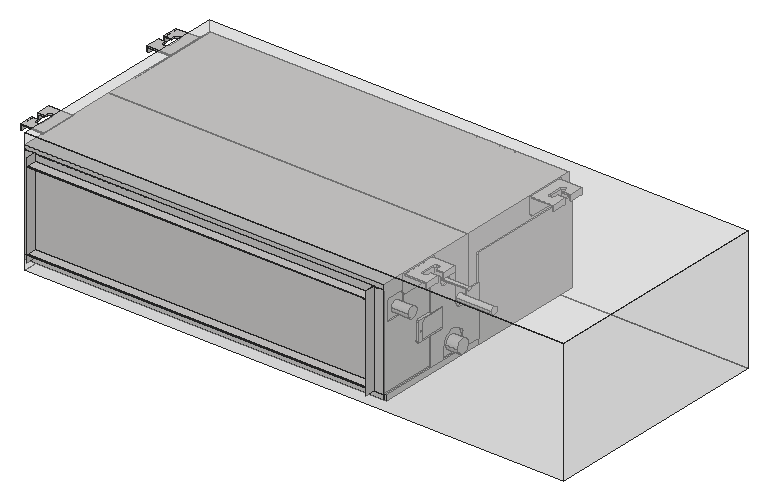
Revit family "outputfile", category 機械設備, Revit 2024
Family settings
  丸型コネクタ寸法 = 半径を使用
  パーツ タイプ = 標準
  OmniClass 番号 = 23.75.10.24.21.27.27
  OmniClass タイトル = Split System Air Conditioning Units
  作業面ベース = いいえ
  常に垂直 = はい
  ロード時にボイドで切り取り = いいえ
  注釈の向きを維持 = いいえ
  共有 = いいえ
  部屋計算ポイント = はい
Parameters (values of type "FXDQ20TV1CA")
  Description = ""
  製造元 = "Daikin"
  書き出し IFC クラス(タイプ) = "IfcUnitaryEquipmentType"
  定義済み IFC タイプ(タイプ) = "AIRCONDITIONINGUNIT"
  Cost = 0
  モデル = "FXDQ20TV1CA"
  Type Comments = ""
  Keynote = ""
  Type Image = (empty or 0)
  Assembly Code = ""
  r_Liquid Pipe Size = Liquid Pipe Size / 2  # 3.2 mm
  r_Gas Pipe Size = Gas Pipe Size / 2  # 6.35 mm
  r_Drain Pipe Size = Drain Pipe Size / 2  # 10.0 mm
  lw_powersuply = 65.0 mm  # constant formula
  lh_suctionflange [instance] = [h***] + 100.5 mm  # 100.5 mm
  lh_mounting = lh_mountinghole + [h***]  # 200.0 mm
  ld_suctionflange [instance] = if(and(Rear Connection_Return Air, Width = 700.0 mm), 94.5 mm, if(and(Rear Connection_Return Air, Width = 900.0 mm), 94.0 mm, if(and(Rear Connection_Return Air, Width = 1100.0 mm), 94.0 mm, 100.5 mm)))  # 94.5 mm
  ld_powersuply = 64.0 mm  # constant formula
  ld_mountinghole_Back = if(Width = 900.0 mm, 169.0 mm, 165.0 mm)  # 165.0 mm
  ld_mountinghole_Front = if(Width = 900.0 mm, 140.0 mm, 144.0 mm)  # 144.0 mm
  ld_RA_below = if(Width = 700.0 mm, 189.0 mm, 188.0 mm)  # 189.0 mm
  ld_RA = if(Width = 700.0 mm, 94.5 mm, 94.0 mm)  # 94.5 mm
  angle_vertical_RA [instance] = if(Rear Connection_Return Air, 90.00°, 0.00°)  # 90.00°
  angle horizontal_RA [instance] = if(Rear Connection_Return Air, 180.00°, 270.00°)  # 180.00°
  Voltage_comment_50Hz = "220-240"
  Voltage_50Hz = 220 V
  URL = ""
  Supply Air Direction [instance] = yes
  Sound Power Level_H speed (dB) = 0
  Rear Connection_Return Air [instance] = not(Bottom Connection_Return Air)  # yes
  Phase_50Hz = 1
  Minimum External Static Pressure = 10.00 Pa
  Minimum Circuit Amps_50Hz = 0.6 A
  Maximum Fuse Amps_50Hz = 15.0 A
  Maximum External Static Pressure = 40.00 Pa
  Material_Casing = DAIKIN_GalvanizedSteel_Casing_indoorunit
  ld_liquidpipe = 142.0 mm  # constant formula
  ld_gaspipe = 181.0 mm  # constant formula
  lw_mountinghole = Width + 52.0 mm  # 752.0 mm
  ld_drainpipe = 28.0 mm  # constant formula
  lh_liquidpipe = 151.0 mm
  lh_gaspipe = 101.0 mm
  lh_mountinghole = 200.0 mm  # constant formula
  lh_drainpipe = 152.0 mm  # constant formula
  h_antenna = Height - lh_mountinghole + 1.0 mm  # 1.0 mm
  h*** = 0.0 mm  # constant formula
  Width = 700.0 mm
  Version = "ver.1.0"
  Unit Type = "Slim Duct (Standard) Type"
  Unit Mass Weight = 18.00 kg
  Unit Designation [instance] = ""
  Uniclass2015Version = "Products v1.30"
  Uniclass2015Title = "Variable refrigerant flow units"
  Uniclass2015Code = "Pr_70_65_03_94"
  Total Heating Capacity [instance] = 0.000 kW
  Total Cooling Capacity [instance] = 0.000 kW
  Sound Pressure Level_M speed (dBA) = 0
  Sound Pressure Level_L speed (dBA) = 28
  Sound Pressure Level_H speed (dBA) = 32
  Series = "VRV Fan Coil Unit"
  Sensible Cooling Capacity [instance] = 0.000 kW
  SA Duct Size Width = if(Width = 900.0 mm, 860.0 mm, if(Width = 1100.0 mm, 1060.0 mm, 660.0 mm))  # 660.0 mm
  SA Duct Size Height = 153.0 mm  # constant formula
  Refrigerant Type = "R410A"
  RA Duct Size Width = if(Width = 900.0 mm, 775.0 mm, if(Width = 1100.0 mm, 975.0 mm, 575.0 mm))  # 575.0 mm
  RA Duct Size Height [instance] = if(Rear Connection_Return Air, 163.0 mm, if(Width = 700.0 mm, 153.0 mm, 152.0 mm))  # 163.0 mm
  Power Input (Heating) = 0.030 kW
  Power Input (Cooling) = 0.030 kW
  Option Accessory 3 [instance] = ""
  Option Accessory 2 [instance] = ""
  Option Accessory 1 [instance] = ""
  Nominal Heating Capacity = 2.500 kW
  Nominal Cooling Capacity = 2.200 kW
  Minimum Airflow = 0.00 m³/h
  Median Airflow = 0.00 m³/h
  Maximum Airflow = 486.00 m³/h
  Load Classification = HVAC
  Liquid Pipe Size = 6.4 mm
  Link_Nested Family [instance] = ""
  IfcVersion = "0"
  IfcExportType = "AIRCONDITIONINGUNIT"
  IfcExportAs = "IfcUnitaryEquipmentType"
  Height = 200.0 mm
  Heating Entering Wet Bulb Temperature [instance] = 0.00 °C
  Heating Entering Dry Bulb Temperature [instance] = 0.00 °C
  Heating Ambient Wet Bulb Temperature [instance] = 0.00 °C
  Heating Ambient Dry Bulb Temperature [instance] = 0.00 °C
  Heat Exchanger Type = "Cross Fin Coil"
  Gas Pipe Size = 12.7 mm
  Frequency_50Hz = 50 Hz
  Fan Type = "Sirocco Fan"
  Fan Drive = "Direct Drive"
  FCU Tag No. [instance] = ""
  Drain Pipe Size = 20.0 mm
  Design Supply Airflow [instance] = 0.00 m³/h
  Design Return Airflow [instance] = 0.00 m³/h
  Design External Static Pressure [instance] = 0.00 Pa
  Depth = 450.0 mm
  既定の高さ = 0.0 mm
  Cooling Entering Wet Bulb Temperature [instance] = 0.00 °C
  Cooling Entering Dry Bulb Temperature [instance] = 0.00 °C
  Cooling Ambient Wet Bulb Temperature [instance] = 0.00 °C
  Cooling Ambient Dry Bulb Temperature [instance] = 0.00 °C
  Clearance visibility [instance] = yes
  Clearance Top = 20.0 mm
  Clearance Right = 350.0 mm
  Clearance Rear = 0.0 mm
  Clearance Left = 0.0 mm
  Clearance Front = 0.0 mm
  Clearance Bottom = 20.0 mm
  Bottom Connection_Return Air [instance] = no
Reference planes
  plane 1 "Center (Front/Back)": y = 0
  plane 2 "Bottom": z = -200
  plane 3 "Center (Left/Right)": x = 0
  plane 4 "Back": y = 225
  plane 5 "Front": y = -225
  plane 6 "Left": x = -350
  plane 7 "Right": x = 350
  plane 8 "Top": z = 0
  plane 9 "BB": y = -20
  plane 10 "condensate water pan": z = -190
  plane 11 "Below": z = -200
  plane 12 "Other components Right": x = 355
  plane 13 "Other components Left": x = 345
  plane 14 "lh_drainpipe": z = -48
  plane 15 "ld_drainpipe": y = -197
  plane 16 "drainpipe": x = 383
  plane 17 "lh_liquidpipe": z = -49
  plane 18 "ld_liquidpipe": y = -83
  plane 19 "ld_gaspipe": y = -44
  plane 20 "lh_gaspipe": z = -99
  plane 21: x = 403
  plane 22: x = 420
  plane 23: x = 374
  plane 24 "w_mountinghole_Left": x = -376
  plane 25 "w_mountinghole_Right": x = 376
  plane 26 "d_mountinghole_Back": y = 165
  plane 27 "d_mountinghole_Front": y = -144
  plane 28 "h_mountinghole": z = 0
  plane 29 "lw_powersuply": x = 285
  plane 30 "ld_powersuply": y = -161
  plane 31 "Clearance Left": x = -350
  plane 32 "Clearance Right": x = 700
  plane 33 "Clearance Rear": y = 225
  plane 34 "Clearance Front": y = -225
  plane 35 "Clearance Bottom": z = -220
  plane 36 "Clearance Top": z = 20
  plane 37 "RA": y = 224
  plane 38: z = -199
  plane 39 "RA_d": y = 130.5
  plane 40 "RA_w": x = -51.5
  plane 41 "RA_h": z = -99.5
  plane 42 "SA_h": z = -99
  plane 43 "RA_dd": y = 36
Forms (mm)
  Extrusion 1, solid, material "DAIKIN_GalvanizedSteel_Casing_indoorunit" <- "Material_Casing"
    sketch origin (0, 0, 100) x (0, 1, 0) y (0, 0, 1)
      loop
        line (-20, -100) -> (-20, -300) -> (225, -300) -> (225, -100) -> (-20, -100)
    from -350 to 350
  Extrusion 2, solid, material "DAIKIN_GalvanizedSteel_Casing_indoorunit" <- "Material_Casing"
    sketch origin (0, 0, 100) x (0, 1, 0) y (0, 0, 1)
      loop
        line (-225, -100) -> (-225, -290) -> (-20, -290) -> (-20, -100) -> (-225, -100)
    from -350 to 350
  Extrusion 3, solid, material "DAIKIN_GalvanizedSteel_Casing_indoorunit" <- "Material_Casing"
    sketch origin (0, 0, 100) x (0, 1, 0) y (0, 0, 1)
      loop
        line (-225, -290) -> (-225, -300) -> (-20, -300) -> (-20, -290) -> (-225, -290)
    from -350 to 350
  Extrusion 4, solid, material "DAIKIN_GalvanizedSteel_Casing_indoorunit" <- "Material_Casing"
    sketch origin (0, 0, 0) x (0, 1, 0) y (0, 0, 1)
      loop
        arc (2, -40) -> (-0.121, -40.879) -> (-1, -43) r 3
        line (-1, -43) -> (-1, -197)
        arc (-1, -197) -> (-0.121, -199.121) -> (2, -200) r 3
        line (2, -200) -> (225, -200) -> (225, -40) -> (2, -40)
    from 350 to 355
  Extrusion 5, solid, material "DAIKIN_GalvanizedSteel_Casing_indoorunit" <- "Material_Casing"
    sketch origin (620, 0, 0) x (0, 1, 0) y (0, 0, 1)
      loop
        line (-225, -190) -> (-225, -200) -> (-2, -200) -> (-2, -193)
        arc (-2, -193) -> (-2.879, -190.879) -> (-5, -190) r 3
        line (-5, -190) -> (-225, -190)
    from -270 to -265
  Extrusion 6, void
    sketch origin (0, 0, 0) x (0, 1, 0) y (0, 0, 1)
      loop
        arc (-145.64, -94.17) -> (-147.761, -95.049) -> (-148.64, -97.17) r 3
        line (-148.64, -97.17) -> (-148.64, -131.17)
        arc (-148.64, -131.17) -> (-147.761, -133.291) -> (-145.64, -134.17) r 3
        line (-145.64, -134.17) -> (-91.78, -134.17)
        arc (-91.78, -134.17) -> (-89.659, -133.291) -> (-88.78, -131.17) r 3
        line (-88.78, -131.17) -> (-88.78, -97.17)
        arc (-88.78, -97.17) -> (-89.659, -95.049) -> (-91.78, -94.17) r 3
        line (-91.78, -94.17) -> (-145.64, -94.17)
    from 345 to 355
  Extrusion 7, void
    sketch origin (460, 0, 0) x (0, 1, 0) y (0, 0, 1)
      loop
        arc (-212.95, -27.05) -> (-216.486, -28.514) -> (-217.95, -32.05) r 5
        line (-217.95, -32.05) -> (-217.95, -63.95)
        arc (-217.95, -63.95) -> (-216.486, -67.486) -> (-212.95, -68.95) r 5
        line (-212.95, -68.95) -> (-181.05, -68.95)
        arc (-181.05, -68.95) -> (-177.514, -67.486) -> (-176.05, -63.95) r 5
        line (-176.05, -63.95) -> (-176.05, -32.05)
        arc (-176.05, -32.05) -> (-177.514, -28.514) -> (-181.05, -27.05) r 5
        line (-181.05, -27.05) -> (-212.95, -27.05)
    from -115 to -105
  Extrusion 8, solid, material "DAIKIN_GalvanizedSteel_Casing_indoorunit" <- "Material_Casing"
    sketch origin (700, 0, 0) x (0, 1, 0) y (0, 0, 1)
      loop
        line (-116.823, -42) -> (-116.823, -190) -> (-87.438, -190) -> (-87.438, -167.881)
        arc (-87.438, -167.881) -> (-62.998, -143.441) -> (-38.558, -167.881) r 24.44
        line (-38.558, -167.881) -> (-38.558, -190) -> (-1, -190) -> (-1, -92.773) -> (-27.497, -92.773)
        arc (-27.497, -92.773) -> (-28.911, -93.359) -> (-29.497, -94.773) r 2
        line (-29.497, -94.773) -> (-29.497, -99)
        arc (-29.497, -99) -> (-43.997, -113.5) -> (-58.497, -99) r 14.5
        line (-58.497, -99) -> (-58.497, -42.3)
        arc (-58.497, -42.3) -> (-59.171, -40.674) -> (-60.797, -40) r 2.3
        line (-60.797, -40) -> (-69, -40)
        arc (-69, -40) -> (-70.414, -40.586) -> (-71, -42) r 2
        line (-71, -42) -> (-71, -49)
        arc (-71, -49) -> (-83, -61) -> (-95, -49) r 12
        line (-95, -49) -> (-95, -42)
        arc (-95, -42) -> (-95.586, -40.586) -> (-97, -40) r 2
        line (-97, -40) -> (-114.823, -40)
        arc (-114.823, -40) -> (-116.237, -40.586) -> (-116.823, -42) r 2
    from -350 to -345
  Extrusion 9, solid, material "DAIKIN_GalvanizedSteel_Casing_indoorunit" <- "Material_Casing"
    sketch origin (0, 0, 0) x (0, 1, 0) y (0, 0, 1)
      loop
        line (-91.78, -95.17) -> (-145.64, -95.17)
        arc (-145.64, -95.17) -> (-147.054, -95.756) -> (-147.64, -97.17) r 2
        line (-147.64, -97.17) -> (-147.64, -131.17)
        arc (-147.64, -131.17) -> (-147.054, -132.584) -> (-145.64, -133.17) r 2
        line (-145.64, -133.17) -> (-91.78, -133.17)
        arc (-91.78, -133.17) -> (-90.366, -132.584) -> (-89.78, -131.17) r 2
        line (-89.78, -131.17) -> (-89.78, -97.17)
        arc (-89.78, -97.17) -> (-90.366, -95.756) -> (-91.78, -95.17) r 2
    from 345 to 355
  Extrusion 10, solid, material "DAIKIN_GalvanizedSteel_Casing_indoorunit" <- "Material_Casing"
    sketch origin (0, 0, 0) x (0, 1, 0) y (0, 0, 1)
      loop
        line (-89.78, -97.67) -> (-136.14, -97.67) -> (-136.14, -130.67) -> (-89.78, -130.67) -> (-89.78, -97.67)
      loop
        circle (-142.64, -114.17) r 1.5
    from 350 to 355
  Extrusion 11, solid, material "DAIKIN_GalvanizedSteel_Casing_indoorunit" <- "Material_Casing"
    sketch origin (0, 0, 0) x (0, 1, 0) y (0, 0, 1)
      loop
        circle (-197, -48) r 10
    from 350 to 383
  Extrusion 12, solid, material "DAIKIN_GalvanizedSteel_Casing_indoorunit" <- "Material_Casing"
    sketch origin (0, 0, 0) x (0, 1, 0) y (0, 0, 1)
      loop
        circle (-83, -49) r 3.2
    from 350 to 403
  Extrusion 13, solid, material "DAIKIN_GalvanizedSteel_Casing_indoorunit" <- "Material_Casing"
    sketch origin (0, 0, 0) x (0, 1, 0) y (0, 0, 1)
      loop
        circle (-44, -99) r 6.35
    from 350 to 420
  Extrusion 14, solid, material "DAIKIN_GalvanizedSteel_Casing_indoorunit" <- "Material_Casing"
    sketch origin (0, 0, 0) x (0, 1, 0) y (0, 0, 1)
      loop
        circle (-62.998, -169) r 13
    from 350 to 374
  Extrusion 15, void
    sketch origin (0, 0, 0) x (1, 0, 0) y (0, 0, 1)
      loop
        line (246, -1) -> (-349, -1) -> (-349, -200) -> (246, -200) -> (246, -1)
    from -225 to -36
  Extrusion 16, solid, material "DAIKIN_GalvanizedSteel_Casing_indoorunit" <- "Material_Casing", visible <- "Bottom Connection_Return Air"
    sketch origin (0, 0, 0) x (1, 0, 0) y (0, 0, 1)
      loop
        line (246, -1) -> (-349, -1) -> (-349, -200) -> (246, -200) -> (246, -1)
    from -225 to -224
  Extrusion 17, solid, material "DAIKIN_GalvanizedSteel_Casing_indoorunit" <- "Material_Casing", visible <- "Rear Connection_Return Air"
    sketch origin (0, 0, 0) x (1, 0, 0) y (0, 1, 0)
      loop
        line (-349, 36) -> (246, 36) -> (246, 225) -> (-349, 225) -> (-349, 36)
    from -200 to -199
Cuts and joins
  Extrusion 6, Extrusion 7 cuts Extrusion 2
  Extrusion 6 cuts Extrusion 8
  Extrusion 15 cuts Extrusion 1
Dimensions and locks
  locked: plane 9 "BB" to plane 1 "Center (Front/Back)" at 20
  equal spacing: plane 4 "Back", plane 1 "Center (Front/Back)", plane 5 "Front"
  "Depth": plane 4 "Back" to plane 5 "Front"
  plane 9 "BB" to plane 4 "Back" = 245.0 mm
  plane 5 "Front" to plane 9 "BB" = 205.0 mm
  equal spacing: plane 6 "Left", plane 3 "Center (Left/Right)", plane 7 "Right"
  "Width": plane 6 "Left" to plane 7 "Right"
  locked: plane 1 "Center (Front/Back)" to plane 9 "BB" at 20
  "h***": plane 11 "Below" to plane 2 "Bottom"
  locked: plane 10 "condensate water pan" to plane 11 "Below" at 10
  "Height": plane 8 "Top" to plane 11 "Below"
  locked: Extrusion 4 sketch curve to plane 4 "Back" at 226
  locked: Extrusion 4 sketch curve to plane 11 "Below" at 160
  locked: plane 7 "Right" to plane 12 "Other components Right" at 5
  locked: plane 13 "Other components Left" to plane 7 "Right" at 5
  "lh_drainpipe": plane 14 "lh_drainpipe" to plane 11 "Below"
  plane 5 "Front" to plane 15 "ld_drainpipe" = 28.0 mm
  "ld_drainpipe": plane 15 "ld_drainpipe" to plane 5 "Front"
  locked: plane 7 "Right" to plane 16 "drainpipe" at 33
  "lh_liquidpipe": plane 17 "lh_liquidpipe" to plane 11 "Below"
  "ld_liquidpipe": plane 18 "ld_liquidpipe" to plane 5 "Front"
  "ld_gaspipe": plane 19 "ld_gaspipe" to plane 5 "Front"
  plane 5 "Front" to plane 18 "ld_liquidpipe" = 142.0 mm
  plane 5 "Front" to plane 19 "ld_gaspipe" = 181.0 mm
  "lh_gaspipe": plane 20 "lh_gaspipe" to plane 11 "Below"
  locked: plane 7 "Right" to plane 21 at 53
  locked: plane 7 "Right" to plane 22 at 70
  locked: plane 7 "Right" to plane 23 at 24
  equal spacing: plane 24 "w_mountinghole_Left", plane 3 "Center (Left/Right)", plane 25 "w_mountinghole_Right"
  "lw_mountinghole": plane 24 "w_mountinghole_Left" to plane 25 "w_mountinghole_Right"
  plane 26 "d_mountinghole_Back" to plane 27 "d_mountinghole_Front" = 309.0 mm
  "lh_mountinghole": plane 28 "h_mountinghole" to plane 11 "Below"
  "lw_powersuply": plane 29 "lw_powersuply" to plane 7 "Right"
  "ld_powersuply": plane 5 "Front" to plane 30 "ld_powersuply"
  "Clearance Rear": plane 33 "Clearance Rear" to plane 4 "Back"
  "Clearance Front": plane 5 "Front" to plane 34 "Clearance Front"
  "Clearance Bottom": plane 11 "Below" to plane 35 "Clearance Bottom"
  "Clearance Top": plane 36 "Clearance Top" to plane 8 "Top"
  "Clearance Left": plane 31 "Clearance Left" to plane 6 "Left"
  "Clearance Right": plane 7 "Right" to plane 32 "Clearance Right"
  locked: cut or joined group of Extrusion 1, Extrusion 15 to plane 6 "Left" at 1
  locked: plane 7 "Right" to cut or joined group of Extrusion 1, Extrusion 15 at 104
  locked: plane 4 "Back" to plane 37 "RA" at 1
  locked: plane 6 "Left" to Extrusion 17 sketch curve at 1
  locked: Extrusion 17 sketch curve to plane 7 "Right" at 104
  locked: plane 38 to plane 11 "Below" at 1
  locked: plane 40 "RA_w" to plane 3 "Center (Left/Right)" at 51.5
  "ld_RA": plane 39 "RA_d" to plane 4 "Back"
  locked: plane 11 "Below" to plane 41 "RA_h" at 100.5
  locked: plane 11 "Below" to plane 42 "SA_h" at 101
  "ld_mountinghole_Back": plane 26 "d_mountinghole_Back" to plane 1 "Center (Front/Back)"
  "ld_mountinghole_Front": plane 27 "d_mountinghole_Front" to plane 1 "Center (Front/Back)"
  "ld_RA_below": plane 4 "Back" to plane 43 "RA_dd"
  "r_Liquid Pipe Size": radius of Extrusion 12 sketch curve
  "r_Gas Pipe Size": radius of Extrusion 13 sketch curve
  "r_Drain Pipe Size": radius of Extrusion 11 sketch curve
  aligned and locked: Extrusion 1 sketch curve to plane 8 "Top"
  aligned and locked: Extrusion 1 sketch curve to plane 9 "BB"
  aligned and locked: Extrusion 1 sketch curve to plane 4 "Back"
  aligned and locked: Extrusion 2 sketch curve to plane 9 "BB"
  aligned and locked: Extrusion 2 sketch curve to plane 8 "Top"
  aligned and locked: plane 5 "Front" to Extrusion 2 sketch curve
  aligned and locked: Extrusion 1 to plane 6 "Left"
  aligned and locked: plane 7 "Right" to Extrusion 1
  aligned and locked: Extrusion 2 to plane 6 "Left"
  aligned and locked: plane 7 "Right" to Extrusion 2
  aligned and locked: plane 10 "condensate water pan" to Extrusion 2 sketch curve
  aligned and locked: Extrusion 3 sketch curve to plane 10 "condensate water pan"
  aligned and locked: plane 5 "Front" to Extrusion 3 sketch curve
  aligned and locked: plane 9 "BB" to Extrusion 3 sketch curve
  aligned and locked: Extrusion 3 to plane 6 "Left"
  aligned and locked: plane 7 "Right" to Extrusion 3
  aligned and locked: plane 11 "Below" to Extrusion 3
  aligned and locked: Extrusion 1 to plane 11 "Below"
  aligned and locked: plane 11 "Below" to Extrusion 4 sketch curve
  aligned and locked: Extrusion 4 sketch curve to plane 4 "Back"
  aligned and locked: Extrusion 4 to plane 7 "Right"
  aligned and locked: plane 12 "Other components Right" to Extrusion 4
  aligned and locked: Extrusion 5 sketch curve to plane 10 "condensate water pan"
  aligned and locked: plane 5 "Front" to Extrusion 5 sketch curve
  aligned and locked: plane 11 "Below" to Extrusion 5 sketch curve
  aligned and locked: Extrusion 5 to plane 7 "Right"
  aligned and locked: plane 12 "Other components Right" to Extrusion 5
  aligned and locked: Extrusion 8 to plane 7 "Right"
  aligned and locked: plane 12 "Other components Right" to Extrusion 8
  aligned and locked: Extrusion 6 to plane 13 "Other components Left"
  aligned and locked: Extrusion 7 to plane 13 "Other components Left"
  aligned and locked: plane 12 "Other components Right" to Extrusion 7
  aligned and locked: plane 12 "Other components Right" to Extrusion 6
  aligned and locked: Extrusion 10 to plane 7 "Right"
  aligned and locked: Extrusion 9 to plane 13 "Other components Left"
  aligned and locked: plane 16 "drainpipe" to Extrusion 11
  aligned and locked: Extrusion 11 to plane 7 "Right"
  aligned and locked: plane 12 "Other components Right" to Extrusion 9
  aligned and locked: plane 12 "Other components Right" to Extrusion 10
  aligned and locked: Extrusion 12 to plane 7 "Right"
  aligned and locked: plane 21 to Extrusion 12
  aligned and locked: Extrusion 13 sketch curve to plane 19 "ld_gaspipe"
  aligned and locked: plane 20 "lh_gaspipe" to Extrusion 13 sketch curve
  aligned and locked: Extrusion 12 sketch curve to plane 18 "ld_liquidpipe"
  aligned and locked: plane 17 "lh_liquidpipe" to Extrusion 12 sketch curve
  aligned and locked: plane 14 "lh_drainpipe" to Extrusion 11 sketch curve
  aligned and locked: Extrusion 11 sketch curve to plane 15 "ld_drainpipe"
  aligned and locked: Extrusion 13 to plane 7 "Right"
  aligned and locked: plane 22 to Extrusion 13
  aligned and locked: Extrusion 14 to plane 7 "Right"
  aligned and locked: plane 23 to Extrusion 14
  aligned and locked: plane 25 "w_mountinghole_Right" to nested 2
  aligned and locked: nested 2 to plane 26 "d_mountinghole_Back"
  aligned and locked: plane 28 "h_mountinghole" to nested 2
  aligned and locked: plane 27 "d_mountinghole_Front" to nested 3
  aligned and locked: plane 25 "w_mountinghole_Right" to nested 3
  aligned and locked: plane 24 "w_mountinghole_Left" to nested 4
  aligned and locked: plane 26 "d_mountinghole_Back" to nested 4
  aligned and locked: plane 24 "w_mountinghole_Left" to nested 5
  aligned and locked: nested 5 to plane 27 "d_mountinghole_Front"
  aligned and locked: plane 28 "h_mountinghole" to nested 4
  aligned and locked: plane 28 "h_mountinghole" to nested 5
  aligned and locked: plane 28 "h_mountinghole" to nested 3
  aligned and locked: plane 24 "w_mountinghole_Left" to nested 1
  aligned and locked: nested 1 to plane 26 "d_mountinghole_Back"
  aligned and locked: plane 27 "d_mountinghole_Front" to nested 6
  aligned and locked: plane 24 "w_mountinghole_Left" to nested 6
  aligned and locked: nested 7 to plane 25 "w_mountinghole_Right"
  aligned and locked: nested 7 to plane 26 "d_mountinghole_Back"
  aligned and locked: plane 27 "d_mountinghole_Front" to nested 8
  aligned and locked: nested 8 to plane 25 "w_mountinghole_Right"
  aligned and locked: plane 15 "ld_drainpipe" to nested 9
  aligned and locked: plane 7 "Right" to nested 9
  aligned and locked: plane 14 "lh_drainpipe" to nested 9
  aligned and locked: plane 7 "Right" to nested 11
  aligned and locked: plane 7 "Right" to nested 10
  aligned and locked: plane 18 "ld_liquidpipe" to nested 10
  aligned and locked: plane 19 "ld_gaspipe" to nested 11
  aligned and locked: nested 10 to plane 17 "lh_liquidpipe"
  aligned and locked: nested 11 to plane 20 "lh_gaspipe"
  aligned and locked: plane 31 "Clearance Left" to nested 12
  aligned and locked: plane 33 "Clearance Rear" to nested 12
  aligned and locked: plane 34 "Clearance Front" to nested 12
  aligned and locked: nested 12 to plane 32 "Clearance Right"
  aligned and locked: plane 36 "Clearance Top" to nested 12
  aligned and locked: plane 35 "Clearance Bottom" to nested 12
  aligned and locked: nested 13 to plane 29 "lw_powersuply"
  aligned and locked: plane 30 "ld_powersuply" to nested 13
  aligned and locked: nested 13 to plane 20 "lh_gaspipe"
  aligned and locked: plane 3 "Center (Left/Right)" to nested 14
  aligned and locked: plane 1 "Center (Front/Back)" to nested 14
  aligned and locked: plane 1 "Center (Front/Back)" to nested 15
  aligned and locked: nested 15 to plane 11 "Below"
  aligned and locked: plane 3 "Center (Left/Right)" to nested 16
  aligned and locked: plane 3 "Center (Left/Right)" to nested 17
  aligned and locked: plane 8 "Top" to nested 16
  aligned and locked: plane 4 "Back" to Extrusion 15
  aligned and locked: plane 4 "Back" to Extrusion 16
  aligned and locked: Extrusion 16 to plane 37 "RA"
  aligned and locked: Extrusion 17 to plane 11 "Below"
  aligned and locked: plane 38 to Extrusion 17
  aligned and locked: plane 39 "RA_d" to nested 18
  aligned and locked: plane 1 "Center (Front/Back)" to nested 19
  aligned and locked: plane 3 "Center (Left/Right)" to nested 19
  aligned and locked: plane 42 "SA_h" to nested 19
  aligned and locked: nested 16 to plane 37 "RA"
  aligned and locked: nested 16 to plane 4 "Back"
  aligned and locked: nested 17 to plane 38
  aligned and locked: nested 17 to plane 37 "RA"
  aligned and locked: Extrusion 15 to plane 43 "RA_dd"
  aligned and locked: Extrusion 17 sketch curve to plane 43 "RA_dd"
  aligned and locked: level to plane 8 "Top"
Automatic sketch dimensions
  Extrusion 1 sketch curve to plane 10 "condensate water pan" = 10.0 mm
  Extrusion 3 sketch curve to plane 10 "condensate water pan" = 10.0 mm
  Extrusion 4 sketch curve to plane 10 "condensate water pan" = 7.0 mm
  Extrusion 4 sketch curve to plane 1 "Center (Front/Back)" = 2.0 mm
  plane 1 "Center (Front/Back)" to Extrusion 5 sketch curve = 2.0 mm
  Extrusion 5 sketch curve to plane 10 "condensate water pan" = 3.0 mm
  plane 5 "Front" to Extrusion 6 sketch curve = 76.36 mm
  Extrusion 6 sketch curve to Extrusion 6 sketch curve = 3.0 mm  (x3)
  Extrusion 6 sketch curve to Extrusion 6 sketch curve = 53.86 mm
  Extrusion 6 sketch curve to Extrusion 6 sketch curve = 0.0 mm
  plane 10 "condensate water pan" to Extrusion 6 sketch curve = 55.83 mm
  Extrusion 6 sketch curve to Extrusion 6 sketch curve = 34.0 mm
  plane 5 "Front" to Extrusion 7 sketch curve = 7.05 mm
  Extrusion 7 sketch curve to Extrusion 7 sketch curve = 5.0 mm  (x3)
  Extrusion 7 sketch curve to Extrusion 7 sketch curve = 31.9 mm  (x3)
  Extrusion 7 sketch curve to plane 8 "Top" = 68.95 mm
  Extrusion 8 sketch curve to plane 10 "condensate water pan" = 0.0 mm  (x2)
  Extrusion 8 sketch curve to plane 9 "BB" = 96.823 mm
  Extrusion 8 sketch curve to Extrusion 8 sketch curve = 2.0 mm  (x4)
  Extrusion 8 sketch curve to Extrusion 8 sketch curve = 17.823 mm
  Extrusion 8 sketch curve to Extrusion 8 sketch curve = 29.385 mm
  Extrusion 8 sketch curve to Extrusion 8 sketch curve = 12.0 mm
  Extrusion 8 sketch curve to Extrusion 8 sketch curve = 24.44 mm
  Extrusion 8 sketch curve to Extrusion 8 sketch curve = 8.203 mm
  Extrusion 8 sketch curve to plane 9 "BB" = 38.497 mm
  Extrusion 8 sketch curve to Extrusion 8 sketch curve = 14.5 mm
  plane 1 "Center (Front/Back)" to Extrusion 8 sketch curve = 1.0 mm
  Extrusion 8 sketch curve to Extrusion 8 sketch curve = 22.119 mm
  Extrusion 8 sketch curve to Extrusion 8 sketch curve = 68.881 mm
  Extrusion 8 sketch curve to Extrusion 8 sketch curve = 4.227 mm
  Extrusion 8 sketch curve to plane 8 "Top" = 49.0 mm
  Extrusion 8 sketch curve to Extrusion 8 sketch curve = 6.7 mm
  Extrusion 8 sketch curve to Extrusion 8 sketch curve = 7.0 mm
  plane 5 "Front" to Extrusion 9 sketch curve = 79.36 mm
  Extrusion 9 sketch curve to Extrusion 9 sketch curve = 2.0 mm  (x3)
  Extrusion 9 sketch curve to Extrusion 9 sketch curve = 53.86 mm
  Extrusion 9 sketch curve to Extrusion 9 sketch curve = 0.0 mm
  plane 10 "condensate water pan" to Extrusion 9 sketch curve = 56.83 mm
  Extrusion 9 sketch curve to Extrusion 9 sketch curve = 34.0 mm
  plane 5 "Front" to Extrusion 10 sketch curve = 82.36 mm
  Extrusion 10 sketch curve to Extrusion 10 sketch curve = 6.5 mm
  Extrusion 10 sketch curve to Extrusion 10 sketch curve = 46.36 mm
  plane 10 "condensate water pan" to Extrusion 10 sketch curve = 59.33 mm
  Extrusion 10 sketch curve to Extrusion 10 sketch curve = 16.5 mm  (x2)
  Extrusion 14 sketch curve to plane 19 "ld_gaspipe" = 18.998 mm
  plane 10 "condensate water pan" to Extrusion 14 sketch curve = 21.0 mm
  plane 6 "Left" to Extrusion 15 sketch curve = 1.0 mm
  plane 35 "Clearance Bottom" to Extrusion 15 sketch curve = 20.0 mm
  plane 29 "lw_powersuply" to Extrusion 15 sketch curve = 39.0 mm
  Extrusion 15 sketch curve to plane 8 "Top" = 1.0 mm
  plane 6 "Left" to Extrusion 16 sketch curve = 1.0 mm
  Extrusion 16 sketch curve to plane 11 "Below" = 0.0 mm
  plane 29 "lw_powersuply" to Extrusion 16 sketch curve = 39.0 mm
  Extrusion 16 sketch curve to plane 8 "Top" = 1.0 mm
  Extrusion 17 sketch curve to plane 4 "Back" = 0.0 mm
  radius of Extrusion 10 sketch curve = 1.5 mm
  radius of Extrusion 14 sketch curve = 13.0 mm
Nested families
  nested 1: "daikin_mountinghole" at (-376, 165, -200), h_mountinghole <- "lh_mounting", l_antenna <- "h_antenna", Link_Nested Family <- "Link_Nested Family", type "daikin_mountinghole"
    with show yes, l_antenna 1.0 mm, h_mountinghole 200.0 mm, Link_Nested Family ""
  nested 2: "daikin_hangerfixture_FXDQ-TV1C(A)" at (350, 165, 0), type "daikin_hangerfixture_FXDQ-TV1C(A)"
  nested 3: "daikin_hangerfixture_FXDQ-TV1C(A)" at (350, -144, 0), type "daikin_hangerfixture_FXDQ-TV1C(A)"
  nested 4: "daikin_hangerfixture_FXDQ-TV1C(A)" at (-350, 165, 0) x (-1, 0, 0) z (0, 0, 1), type "daikin_hangerfixture_FXDQ-TV1C(A)"
  nested 5: "daikin_hangerfixture_FXDQ-TV1C(A)" at (-350, -144, 0) x (-1, 0, 0) z (0, 0, 1), type "daikin_hangerfixture_FXDQ-TV1C(A)"
  nested 6: "daikin_mountinghole" at (-376, -144, -200), h_mountinghole <- "lh_mounting", l_antenna <- "h_antenna", Link_Nested Family <- "Link_Nested Family", type "daikin_mountinghole"
    with show yes, l_antenna 1.0 mm, h_mountinghole 200.0 mm, Link_Nested Family ""
  nested 7: "daikin_mountinghole" at (376, 165, -200), h_mountinghole <- "lh_mounting", l_antenna <- "h_antenna", Link_Nested Family <- "Link_Nested Family", type "daikin_mountinghole"
    with show yes, l_antenna 1.0 mm, h_mountinghole 200.0 mm, Link_Nested Family ""
  nested 8: "daikin_mountinghole" at (376, -144, -200), h_mountinghole <- "lh_mounting", l_antenna <- "h_antenna", Link_Nested Family <- "Link_Nested Family", type "daikin_mountinghole"
    with show yes, l_antenna 1.0 mm, h_mountinghole 200.0 mm, Link_Nested Family ""
  nested 9: "daikin_connector_rotate2" at (350, -197, -48) x (0, 1, 0) z (0, 0, 1), radius <- "r_Drain Pipe Size", type "daikin_connector_rotate2"
    with radius 10.0 mm, length 33.0 mm, angle_vertical 90.00°, show_face no
  nested 10: "daikin_connector_rotate2" at (350, -83, -49) x (0, 1, 0) z (0, 0, 1), radius <- "r_Liquid Pipe Size", type "daikin_connector_rotate2"
    with radius 3.2 mm, length 53.0 mm, angle_vertical 90.00°, show_face no
  nested 11: "daikin_connector_rotate2" at (350, -44, -99) x (0, 1, 0) z (0, 0, 1), radius <- "r_Gas Pipe Size", type "daikin_connector_rotate2"
    with radius 6.35 mm, length 70.0 mm, angle_vertical 90.00°, show_face no
  nested 12: "daikin_clearancespace" at (175, 0, -99.881), visible <- "Clearance visibility", show <- "Clearance visibility", Link_Nested Family <- "Link_Nested Family", type "daikin_clearancespace"
    with width 1050.0 mm, show yes, height 240.0 mm, depth 450.0 mm, Link_Nested Family ""
  nested 13: "daikin_connector_rotate2" at (285, -161, -99) x (1, 0, 0) z (0, -1, 0), type "daikin_connector_rotate2"
    with radius 10.0 mm, length 101.0 mm, angle_vertical 90.00°, show_face no
  nested 14: "daikin_△_symbolicline" at (0, 0, 200), visible <- "Supply Air Direction", built-in parameter 1001360 <- "Height", type "daikin_△_symbolicline"
    with length 200.0 mm
  nested 15: "daikin_ductflange_FXDQ-TV1C(A)1" at (0, 0, -364.701), width <- "SA Duct Size Width", height <- "SA Duct Size Height", material <- "Material_Casing", type "daikin_ductflange_FXDQ-TV1C(A)1"
    with width 660.0 mm, material DAIKIN_GalvanizedSteel_Casing_indoorunit, height 153.0 mm, depth 20.0 mm
  nested 16: "daikin_ductflange_FXDQ-TV1C(A)2" at (0, 225, -99.5), visible <- "Rear Connection_Return Air", height <- "RA Duct Size Height", width <- "RA Duct Size Width", material <- "Material_Casing", type "daikin_ductflange_FXDQ-TV1C(A)2"
    with width 575.0 mm, material DAIKIN_GalvanizedSteel_Casing_indoorunit, height 163.0 mm, depth 1.0 mm
  nested 17: "daikin_ductflange_FXDQ-TV1C(A)2" at (0, 125.5, -200) x (1, 0, 0) z (0, 1, 0), visible <- "Bottom Connection_Return Air", width <- "RA Duct Size Width", height <- "RA Duct Size Height", type "daikin_ductflange_FXDQ-TV1C(A)2"
    with width 575.0 mm, material DAIKIN_GalvanizedSteel_Casing_indoorunit, height 163.0 mm, depth 1.0 mm
  nested 18: "daikin_connector_rotate3" at (-51.5, 130.5, -99.5), angle_vertical <- "angle_vertical_RA", angle_horizontal <- "angle horizontal_RA", length <- "ld_suctionflange", built-in parameter 1001364 <- "lh_suctionflange", type "daikin_connector_rotate3"
    with show yes, radius 10.0 mm, length 94.5 mm, angle_vertical 90.00°, angle_horizontal 180.00°
  nested 19: "daikin_connector_rotate2" at (0, 0, -99), type "daikin_connector_rotate2"
    with radius 10.0 mm, length 245.0 mm, angle_vertical 90.00°, show_face no
Connectors
  piping at (383, -197, -48), diameter 20, driven by "r_Drain Pipe Size"
    settings: on nested 9, index 1, connector inside diameter 609.6 mm, connector length 0.0 mm, flow factor 0, pipe flow 0.00 m³/h, pressure drop 0.0 Pa, fitting loss kfactor 0, connector angle 0.00°, fixture units 0, engagement length 0.0 mm, angle of deflection 0.00°, flow configuration 1, flow direction 2, fitting loss method 4, system type 16, joint type 0, gender type 0, connector reference index -1, connector utility 0, adjustable connector no, is connector primary yes, connector description "Condensate Drain Piping"
  piping at (420, -44, -99), diameter 12.7, driven by "r_Gas Pipe Size"
    settings: on nested 11, index 2, connector inside diameter 609.6 mm, connector length 0.0 mm, flow factor 0, pipe flow 0.00 m³/h, pressure drop 0.0 Pa, fitting loss kfactor 0, connector angle 0.00°, fixture units 0, engagement length 0.0 mm, angle of deflection 0.00°, flow configuration 1, flow direction 2, fitting loss method 0, system type 29, joint type 0, gender type 0, connector reference index -1, connector utility 0, adjustable connector no, is connector primary no, connector description "Refrigerant Gas Piping"
  piping at (403, -83, -49), diameter 6.4, driven by "r_Liquid Pipe Size"
    settings: on nested 10, index 3, connector inside diameter 609.6 mm, connector length 0.0 mm, flow factor 0, pipe flow 0.00 m³/h, pressure drop 0.0 Pa, fitting loss kfactor 0, connector angle 0.00°, fixture units 0, engagement length 0.0 mm, angle of deflection 0.00°, flow configuration 1, flow direction 1, fitting loss method 0, system type 29, joint type 0, gender type 0, connector reference index -1, connector utility 0, adjustable connector no, is connector primary no, connector description "Refrigerant Liquid Piping"
  electrical at (285, -161, -200), driven by "Load Classification"
    settings: on nested 13, index 4, voltage 0 V, apparent load 0 VA, apparent load phase1 0 VA, apparent load phase2 0 VA, apparent load phase3 0 VA, power factor 1, load classification "HVAC", number of poles 1, system type 30, power factor state 1, is connector primary yes, connector utility no, sub classification motor no, connector description "Power Supply"
  hvac at (-51.5, 225, -99.5), driven by "RA Duct Size Height", driven by "RA Duct Size Width"
    settings: on nested 18, index 5, duct flow 0.00 m³/h, flow factor 0, pres drop 0.00 Pa, loss coef 0, conn angle 0.00°, conn width 575.0 mm, conn height 163.0 mm, conn diameter 609.6 mm, duct sys type 2, conn prof type 1, flow config 0, flow direction 1, loss method 4, conn ref index -1, conn util no, is conn primary yes, conn desc "RA Duct"
  hvac at (0, -245, -99), driven by "SA Duct Size Height", driven by "SA Duct Size Width"
    settings: on nested 19, index 6, duct flow 0.00 m³/h, flow factor 0, pres drop 0.00 Pa, loss coef 0, conn angle 0.00°, conn width 660.0 mm, conn height 153.0 mm, conn diameter 609.6 mm, duct sys type 1, conn prof type 1, flow config 0, flow direction 2, loss method 4, conn ref index -1, conn util no, is conn primary no, conn desc "SA Duct"
Definition of nested family "daikin_hangerfixture_FXDQ-TV1C(A)"
  Parameters (values of type "daikin_hangerfixture_FXDQ-TV1C(A)")
    width = 46.0 mm
    material = none
    height = 35.0 mm
    depth = 70.0 mm
    Default Elevation = 0.0 mm
  Reference planes
    plane 1 "Center (Front/Back)": y = 0
    plane 2: z = 0
    plane 3 "Center (Left/Right)": x = 0
    plane 4: z = -35
    plane 5: y = 35
    plane 6: y = -35
    plane 7: x = 46
    plane 8: z = -2
    plane 9: x = 44
    plane 10: x = 2
    plane 11: x = 26
  Forms (mm)
    Extrusion 1, solid, material <- "material"
      sketch origin (0, 0, 0) x (1, 0, 0) y (0, 1, 0)
        loop
          line (0, 35) -> (0, -35) -> (46, -35) -> (46, -6.5) -> (31.85, -6.5) -> (31.85, -12.15)
          arc (31.85, -12.15) -> (26, -18) -> (20.15, -12.15) r 5.85
          line (20.15, -12.15) -> (20.15, 12.15)
          arc (20.15, 12.15) -> (26, 18) -> (31.85, 12.15) r 5.85
          line (31.85, 12.15) -> (31.85, 6.5) -> (46, 6.5) -> (46, 35) -> (0, 35)
      from -2 to 0
    Extrusion 2, solid, material <- "material"
      sketch origin (0, 0, 0) x (0, 1, 0) y (0, 0, 1)
        loop
          line (35, 0) -> (6.5, 0) -> (6.5, -8)
          arc (6.5, -8) -> (7.379, -10.121) -> (9.5, -11) r 3
          line (9.5, -11) -> (32, -11)
          arc (32, -11) -> (34.121, -10.121) -> (35, -8) r 3
          line (35, -8) -> (35, 0)
        loop
          line (-35, 0) -> (-35, -8)
          arc (-35, -8) -> (-34.121, -10.121) -> (-32, -11) r 3
          line (-32, -11) -> (-9.5, -11)
          arc (-9.5, -11) -> (-7.379, -10.121) -> (-6.5, -8) r 3
          line (-6.5, -8) -> (-6.5, 0) -> (-35, 0)
      from 44 to 46
    Extrusion 3, solid, material <- "material"
      sketch origin (0, 0, 0) x (0, 1, 0) y (0, 0, 1)
        loop
          line (-37.5, 0) -> (-37.5, -30) -> (-32.5, -35) -> (32.5, -35) -> (37.5, -30) -> (37.5, 0) -> (-37.5, 0)
      from 0 to 2
  Cuts and joins
    joined: Extrusion 1, Extrusion 2, Extrusion 3
  Dimensions and locks
    "height": plane 2 to plane 4
    plane 2 to plane 8 = 2.0 mm
    equal spacing: plane 5, plane 1 "Center (Front/Back)", plane 6
    "depth": plane 5 to plane 6
    "width": plane 3 "Center (Left/Right)" to plane 7
    plane 3 "Center (Left/Right)" to plane 11 to plane 7 = 26.0 mm, 20.0 mm
    locked: cut or joined group of Extrusion 1, Extrusion 2, Extrusion 3 to plane 5 at 2.5
    locked: cut or joined group of Extrusion 1, Extrusion 2, Extrusion 3 to plane 6 at 2.5
    aligned and locked: level to plane 2
    aligned and locked: plane 2 to Extrusion 1
    aligned and locked: Extrusion 1 to plane 8
    aligned and locked: plane 7 to Extrusion 2
    aligned and locked: Extrusion 2 to plane 9
    aligned and locked: plane 2 to Extrusion 2
    aligned and locked: plane 4 to Extrusion 3 sketch curve
    aligned and locked: Extrusion 3 sketch curve to plane 2
    aligned and locked: Extrusion 3 to plane 3 "Center (Left/Right)"
    aligned and locked: Extrusion 3 to plane 10
  Automatic sketch dimensions
    Extrusion 1 sketch curve to plane 3 "Center (Left/Right)" = 0.0 mm
    Extrusion 1 sketch curve to plane 7 = 0.0 mm  (x2)
    Extrusion 1 sketch curve to plane 6 = 0.0 mm
    Extrusion 1 sketch curve to plane 5 = 0.0 mm
    plane 3 "Center (Left/Right)" to Extrusion 1 sketch curve = 20.15 mm
    Extrusion 1 sketch curve to Extrusion 1 sketch curve = 5.85 mm  (x2)
    plane 1 "Center (Front/Back)" to Extrusion 1 sketch curve = 12.15 mm
    Extrusion 1 sketch curve to Extrusion 1 sketch curve = 5.65 mm  (x2)
    Extrusion 1 sketch curve to plane 1 "Center (Front/Back)" = 6.5 mm
    Extrusion 2 sketch curve to level = 0.0 mm  (x2)
    Extrusion 2 sketch curve to plane 6 = 0.0 mm
    Extrusion 2 sketch curve to Extrusion 2 sketch curve = 3.0 mm  (x2)
    plane 1 "Center (Front/Back)" to Extrusion 2 sketch curve = 9.5 mm
    plane 1 "Center (Front/Back)" to Extrusion 2 sketch curve = 6.5 mm
    Extrusion 2 sketch curve to plane 1 "Center (Front/Back)" = 6.5 mm
    Extrusion 2 sketch curve to plane 5 = 3.0 mm
    Extrusion 2 sketch curve to plane 5 = 0.0 mm
    Extrusion 2 sketch curve to plane 8 = 6.0 mm  (x2)
    Extrusion 3 sketch curve to Extrusion 3 sketch curve = 5.0 mm  (x2)
    plane 4 to Extrusion 3 sketch curve = 5.0 mm  (x2)
    Extrusion 3 sketch curve to plane 6 = 2.5 mm
    Extrusion 3 sketch curve to plane 5 = 2.5 mm
Definition of nested family "daikin_clearancespace"
  Parameters (values of type "daikin_clearancespace")
    width [instance] = 1823.963 mm
    show [instance] = yes
    material = none
    height [instance] = 1359.762 mm
    depth [instance] = 880.0 mm
    Default Elevation = 0.0 mm
    Link_Nested Family [instance] = ""
  Reference planes
    plane 1 "Center (Front/Back)": y = 0
    plane 2 "Center (Elevation)": z = -0.119
    plane 3 "Center (Left/Right)": x = 0
    plane 4: y = 440
    plane 5: y = -440
    plane 6 "Right": x = 911.982
    plane 7 "Left": x = -911.982
    plane 8 "Top": z = 679.762
    plane 9 "Bottom": z = -680
  Forms (mm)
    Extrusion 1, solid, material <- "material", visible <- "show"
      sketch origin (0, 0, 0) x (1, 0, 0) y (0, 1, 0)
        loop
          line (-911.982, 440) -> (-911.982, -440) -> (911.982, -440) -> (911.982, 440) -> (-911.982, 440)
      from -680 to 679.762
  Lines and regions (mm)
    symbolic lines, visible <- "show"
      curve 1: line (911.982, 440, 0) -> (-911.982, 440, 0)
      curve 2: line (-911.982, 440, 0) -> (-911.982, -440, 0)
      curve 3: line (-911.982, -440, 0) -> (911.982, -440, 0)
      curve 4: line (911.982, -440, 0) -> (911.982, 440, 0)
      curve 5: line (911.982, 0, 679.762) -> (-911.982, 0, 679.762)
      curve 6: line (911.982, 0, -680) -> (911.982, 0, 679.762)
      curve 7: line (-911.982, 0, -680) -> (911.982, 0, -680)
      curve 8: line (-911.982, 0, 679.762) -> (-911.982, 0, -680)
      curve 9: line (0, 440, 679.762) -> (0, -440, 679.762)
      curve 10: line (0, -440, 679.762) -> (0, -440, -680)
      curve 11: line (0, 440, -680) -> (0, 440, 679.762)
      curve 12: line (0, -440, -680) -> (0, 440, -680)
  Dimensions and locks
    "width": plane 7 "Left" to plane 6 "Right"
    "depth": plane 4 to plane 5
    "height": plane 8 "Top" to plane 9 "Bottom"
    equal spacing: plane 7 "Left", plane 3 "Center (Left/Right)", plane 6 "Right"
    equal spacing: plane 4, plane 1 "Center (Front/Back)", plane 5
    equal spacing: plane 8 "Top", plane 2 "Center (Elevation)", plane 9 "Bottom"
    aligned and locked: level to plane 2 "Center (Elevation)"
    aligned and locked: Extrusion 1 sketch curve to plane 4
    aligned and locked: plane 7 "Left" to Extrusion 1 sketch curve
    aligned and locked: Extrusion 1 sketch curve to plane 5
    aligned and locked: Extrusion 1 sketch curve to plane 6 "Right"
    aligned and locked: plane 8 "Top" to Extrusion 1
    aligned and locked: curve 1 to Extrusion 1
    aligned and locked: curve 2 to Extrusion 1
    aligned and locked: curve 3 to Extrusion 1
    aligned and locked: curve 4 to Extrusion 1
    aligned and locked: curve 5 to Extrusion 1
    aligned and locked: curve 6 to Extrusion 1
    aligned and locked: curve 7 to Extrusion 1
    aligned and locked: curve 8 to Extrusion 1
    aligned and locked: curve 9 to Extrusion 1
    aligned and locked: curve 10 to Extrusion 1
    aligned and locked: curve 11 to Extrusion 1
    aligned and locked: curve 12 to Extrusion 1
    aligned and locked: Extrusion 1 to plane 9 "Bottom"
Definition of nested family "daikin_ductflange_FXDQ-TV1C(A)1"
  Parameters (values of type "daikin_ductflange_FXDQ-TV1C(A)1")
    width [instance] = 660.0 mm
    material [instance] = none
    height [instance] = 160.0 mm
    h*** = 100.0 mm
    depth [instance] = 20.0 mm
    Default Elevation = 0.0 mm
  Reference planes
    plane 1 "Center (Front/Back)": y = 0
    plane 2: z = 189.201
    plane 3 "Center (Left/Right)": x = 0
    plane 4: y = -225
    plane 5: x = -330
    plane 6: x = 330
    plane 7: y = -245
    plane 8: z = 189.201
    plane 9: z = 349.201
    plane 10: z = 269.201
    plane 11: z = 363.701
    plane 12: z = 164.701
  Forms (mm)
    Extrusion 1, solid, material <- "material"
      sketch origin (0, 0, -1) x (0, 1, 0) y (0, 0, 1)
        loop
          line (-225, 350.201) -> (-225, 364.701) -> (-226, 364.701) -> (-226, 351.201) -> (-245, 351.201) -> (-245, 350.201) -> (-225, 350.201)
        loop
          line (-225, 190.201) -> (-245, 190.201) -> (-245, 189.201) -> (-226, 189.201) -> (-226, 175.701) -> (-225, 175.701) -> (-225, 190.201)
      from -330 to 330
    Extrusion 2, solid, material <- "material"
      sketch origin (0, 0, 188.201) x (1, 0, 0) y (0, 1, 0)
        loop
          line (330, -225) -> (330, -245) -> (331, -245) -> (331, -226) -> (350, -226) -> (350, -225) -> (330, -225)
        loop
          line (-330, -225) -> (-350, -225) -> (-350, -226) -> (-331, -226) -> (-331, -245) -> (-330, -245) -> (-330, -225)
      from -13.5 to 175.5
  Dimensions and locks
    equal spacing: plane 6, plane 3 "Center (Left/Right)", plane 5
    "width": plane 6 to plane 5
    locked: plane 6 to Extrusion 2 sketch curve at 20
    locked: Extrusion 2 sketch curve to plane 5 at 20
    "height": plane 9 to plane 8
    equal spacing: plane 9, plane 10, plane 8
    "depth": plane 4 to plane 7
    plane 4 to plane 1 "Center (Front/Back)" = 225.0 mm
    locked: Extrusion 1 sketch curve to plane 9 at 14.5
    locked: plane 8 to Extrusion 1 sketch curve at 14.5
    locked: plane 11 to plane 9 at 14.5
    aligned and locked: level to plane 2
    aligned and locked: Extrusion 1 to plane 5
    aligned and locked: Extrusion 1 to plane 9
    aligned and locked: plane 6 to Extrusion 1
    aligned and locked: plane 5 to Extrusion 1  (x2)
    aligned and locked: Extrusion 2 sketch curve to plane 6
    aligned and locked: plane 7 to Extrusion 2 sketch curve
    aligned and locked: Extrusion 2 to Extrusion 1
    aligned and locked: Extrusion 1 to Extrusion 2
    aligned and locked: plane 9 to Extrusion 1
    aligned and locked: plane 8 to Extrusion 1
    aligned and locked: plane 9 to Extrusion 1 sketch curve
    aligned and locked: Extrusion 1 sketch curve to plane 8
  Automatic sketch dimensions
    Extrusion 1 sketch curve to plane 7 = 0.0 mm  (x2)
    Extrusion 1 sketch curve to plane 4 = 0.0 mm  (x2)
    Extrusion 1 sketch curve to plane 4 = 1.0 mm  (x2)
    Extrusion 1 sketch curve to level = 1.0 mm
    Extrusion 2 sketch curve to plane 4 = 0.0 mm  (x2)
    Extrusion 2 sketch curve to plane 7 = 0.0 mm
    Extrusion 2 sketch curve to plane 5 = 0.0 mm
    Extrusion 2 sketch curve to plane 5 = 1.0 mm
    Extrusion 2 sketch curve to Extrusion 2 sketch curve = 1.0 mm
    Extrusion 2 sketch curve to plane 4 = 1.0 mm  (x2)
    plane 9 to Extrusion 1 sketch curve = 1.0 mm
Definition of nested family "daikin_ductflange_FXDQ-TV1C(A)2"
  Parameters (values of type "daikin_ductflange_FXDQ-TV1C(A)2")
    width [instance] = 575.0 mm
    material [instance] = none
    height [instance] = 163.0 mm
    depth [instance] = 1.0 mm
    Default Elevation = 0.0 mm
  Reference planes
    plane 1 "Center (Front/Back)": y = 0
    plane 2: z = 0
    plane 3 "Center (Left/Right)": x = 0
    plane 4: z = 81.5
    plane 5: z = -81.5
    plane 6: y = -1
    plane 7: x = -350
    plane 8: x = 350
    plane 9: x = 247
    plane 10: x = 241
    plane 11: x = -344
    plane 12: x = 236
    plane 13: x = -339
    plane 14: x = -51.5
    plane 15: z = 99.5
  Forms (mm)
    Extrusion 1, solid, material <- "material"
      sketch origin (0, 0, 0) x (1, 0, 0) y (0, 0, 1)
        loop
          line (-339, 81.5) -> (-339, -81.5) -> (236, -81.5) -> (236, 81.5) -> (-339, 81.5)
        loop
          line (-349, -99.5) -> (246, -99.5) -> (246, 98.5) -> (-349, 98.5) -> (-349, -99.5)
      from 0 to 1
  Dimensions and locks
    "depth": plane 6 to plane 1 "Center (Front/Back)"
    locked: plane 10 to plane 8 at 109
    locked: plane 11 to plane 10 at 585
    plane 13 to plane 7 = 11.0 mm
    plane 9 to plane 12 = 11.0 mm
    locked: plane 14 to plane 3 "Center (Left/Right)" at 51.5
    equal spacing: plane 13, plane 14, plane 12
    "width": plane 13 to plane 12
    locked: plane 15 to plane 4 at 18
    equal spacing: plane 4, plane 2, plane 5
    "height": plane 4 to plane 5
    equal spacing: plane 7, plane 3 "Center (Left/Right)", plane 8
    plane 7 to plane 8 = 700.0 mm
    locked: Extrusion 1 sketch curve to plane 7 at 1
    locked: plane 9 to Extrusion 1 sketch curve at 1
    locked: Extrusion 1 sketch curve to plane 4 at 17
    locked: plane 5 to Extrusion 1 sketch curve at 18
    aligned and locked: level to plane 2
    aligned and locked: Extrusion 1 to plane 1 "Center (Front/Back)"
    aligned and locked: Extrusion 1 to plane 6
    aligned and locked: plane 13 to Extrusion 1 sketch curve
    aligned and locked: Extrusion 1 sketch curve to plane 12
  Automatic sketch dimensions
    Extrusion 1 sketch curve to plane 5 = 0.0 mm
    Extrusion 1 sketch curve to plane 4 = 0.0 mm
Definition of nested family "daikin_connector_rotate3"
  Parameters (values of type "daikin_connector_rotate3")
    Default Elevation = 1219.2 mm
    show [instance] = yes
    radius [instance] = 10.0 mm
    length [instance] = 600.0 mm
    angle_horizontal [instance] = 60.00°
    angle_vertical [instance] = 90.00°
  Reference planes
    plane 1 "Center (Front/Back)": y = 0
    plane 2: z = 0
    plane 3 "Center (Left/Right)": x = 0
  Dimensions and locks
    "angle_horizontal": angle plane 3 "Center (Left/Right)" to nested 1
    aligned and locked: level to plane 2
    aligned and locked: plane 1 "Center (Front/Back)" to nested 1  (x2)
    aligned and locked: plane 3 "Center (Left/Right)" to nested 1
  Nested families
    nested 1: "daikin_connector_rotate2" at (0, 0, 0) x (0.5, 0.866, 0) z (0, 0, 1), angle_vertical <- "angle_vertical", length <- "length", radius <- "radius", type "daikin_connector_rotate2"
      with radius 10.0 mm, length 600.0 mm, angle_vertical 90.00°
  Definition of nested family "daikin_connector_rotate2"
    Parameters (values of type "daikin_connector_rotate2")
      show_face = yes
      radius [instance] = 10.0 mm
      length [instance] = 600.0 mm
      d_surface = 10.0 mm
      angle_vertical [instance] = 90.00°
      Default Elevation = 0.0 mm
    Reference planes
      plane 1 "Center (Front/Back)": y = 0
      plane 2: z = 0
      plane 3 "Center (Left/Right)": x = 0
    Forms (mm)
      Extrusion 1, solid, visible <- "show_face"
        sketch origin (0, -600, 0) x (1, 0, 0) y (0, 0, 1)
          loop
            circle (0, 0) r 10
        from 0 to -10
    Lines and regions (mm)
      reference lines
        curve 1: line (0, 0, 0) -> (0, -600, 0)
      symbolic lines
        curve 2: circle (0, 0, 0) r 5 normal (0, 0, 1)
      model lines, visible <- "show_face"
        curve 3: line (0, 0, 0) -> (0, -600, 0)
    Dimensions and locks
      "length": curve 1 to curve 1
      "length": curve 3 to curve 3
      "d_surface": Extrusion 1 to Extrusion 1
      "radius": radius of Extrusion 1 sketch curve
      "angle_vertical": angle curve 1 to plane 1 "Center (Front/Back)"
      "angle_vertical": angle curve 3 to plane 1 "Center (Front/Back)"
      aligned and locked: level to plane 2
      aligned and locked: plane 1 "Center (Front/Back)" to curve 1
      aligned and locked: plane 2 to curve 1
      aligned and locked: plane 1 "Center (Front/Back)" to curve 2
      aligned and locked: plane 3 "Center (Left/Right)" to curve 2
      aligned and locked: plane 1 "Center (Front/Back)" to curve 3
      aligned and locked: plane 2 to curve 3
      aligned and locked: Extrusion 1 to Extrusion 1
    Automatic sketch dimensions
      Extrusion 1 sketch curve to level = 0.0 mm
      Extrusion 1 sketch curve to plane 3 "Center (Left/Right)" = 0.0 mm
      radius of curve 2 = 5.0 mm
Definition of nested family "daikin_mountinghole"
  Parameters (values of type "daikin_mountinghole")
    Default Elevation = 1219.2 mm
    Type Comments = "mountinghole"
    show [instance] = yes
    material = none
    l_centerline = 100.0 mm
    l_antenna [instance] = 100.0 mm
    h_mountinghole [instance] = 0.0 mm
    d_circle = 30.0 mm
    Link_Nested Family [instance] = ""
  Reference planes
    plane 1 "Center (Front/Back)": y = 0
    plane 2: z = 0
    plane 3 "Center (Left/Right)": x = 0
    plane 4: y = 50
    plane 5: x = -50
    plane 6: x = 50
    plane 7: y = -50
    plane 8 "h_mountinghole": z = 0
    plane 9: z = 100
  Lines and regions (mm)
    model lines, detail levels fine
      curve 1: circle (0, 0, 0) r 15 normal (0, 0, 1)
      curve 2: line (-50, 0, 0) -> (50, 0, 0)
      curve 3: line (0, 50, 0) -> (0, -50, 0)
    symbolic lines, detail levels fine
      curve 4: circle (0, 0, 0) r 15 normal (0, 0, 1)
      curve 5: line (-50, 0, 0) -> (50, 0, 0)
      curve 6: line (0, 50, 0) -> (0, -50, 0)
    model lines
      curve 7: line (0, 0, 100) -> (0, 0, 0)
  Dimensions and locks
    equal spacing: plane 4, plane 1 "Center (Front/Back)", plane 7
    "l_centerline": plane 4 to plane 7
    equal spacing: plane 5, plane 3 "Center (Left/Right)", plane 6
    "l_centerline": plane 5 to plane 6
    "l_antenna": plane 9 to plane 8 "h_mountinghole"
    "h_mountinghole": plane 8 "h_mountinghole" to plane 2
    "d_circle": diameter of curve 1
    "d_circle": diameter of curve 4
    aligned and locked: level to plane 2
    aligned and locked: plane 1 "Center (Front/Back)" to curve 1
    aligned and locked: plane 3 "Center (Left/Right)" to curve 1
    aligned and locked: plane 1 "Center (Front/Back)" to curve 2
    aligned and locked: curve 3 to plane 3 "Center (Left/Right)"
    aligned and locked: plane 6 to curve 2
    aligned and locked: plane 5 to curve 2
    aligned and locked: plane 4 to curve 3
    aligned and locked: plane 7 to curve 3
    aligned and locked: plane 1 "Center (Front/Back)" to curve 4
    aligned and locked: plane 3 "Center (Left/Right)" to curve 4
    aligned and locked: plane 6 to curve 5
    aligned and locked: plane 5 to curve 5
    aligned and locked: plane 1 "Center (Front/Back)" to curve 5
    aligned and locked: plane 4 to curve 6
    aligned and locked: plane 7 to curve 6
    aligned and locked: curve 6 to plane 3 "Center (Left/Right)"
    aligned and locked: curve 7 to plane 3 "Center (Left/Right)"
    aligned and locked: plane 9 to curve 7
    aligned and locked: plane 8 "h_mountinghole" to curve 7
Definition of nested family "daikin_connector_rotate2"
  Parameters (values of type "daikin_connector_rotate2")
    show_face = yes
    radius [instance] = 10.0 mm
    length [instance] = 600.0 mm
    d_surface = 10.0 mm
    angle_vertical [instance] = 90.00°
    Default Elevation = 0.0 mm
  Reference planes
    plane 1 "Center (Front/Back)": y = 0
    plane 2: z = 0
    plane 3 "Center (Left/Right)": x = 0
  Forms (mm)
    Extrusion 1, solid, visible <- "show_face"
      sketch origin (0, -600, 0) x (1, 0, 0) y (0, 0, 1)
        loop
          circle (0, 0) r 10
      from 0 to -10
  Lines and regions (mm)
    reference lines
      curve 1: line (0, 0, 0) -> (0, -600, 0)
    symbolic lines
      curve 2: circle (0, 0, 0) r 5 normal (0, 0, 1)
    model lines, visible <- "show_face"
      curve 3: line (0, 0, 0) -> (0, -600, 0)
  Dimensions and locks
    "length": curve 1 to curve 1
    "length": curve 3 to curve 3
    "d_surface": Extrusion 1 to Extrusion 1
    "radius": radius of Extrusion 1 sketch curve
    "angle_vertical": angle curve 1 to plane 1 "Center (Front/Back)"
    "angle_vertical": angle curve 3 to plane 1 "Center (Front/Back)"
    aligned and locked: level to plane 2
    aligned and locked: plane 1 "Center (Front/Back)" to curve 1
    aligned and locked: plane 2 to curve 1
    aligned and locked: plane 1 "Center (Front/Back)" to curve 2
    aligned and locked: plane 3 "Center (Left/Right)" to curve 2
    aligned and locked: plane 1 "Center (Front/Back)" to curve 3
    aligned and locked: plane 2 to curve 3
    aligned and locked: Extrusion 1 to Extrusion 1
  Automatic sketch dimensions
    Extrusion 1 sketch curve to level = 0.0 mm
    Extrusion 1 sketch curve to plane 3 "Center (Left/Right)" = 0.0 mm
    radius of curve 2 = 5.0 mm
Definition of nested family "daikin_△_symbolicline"
  Parameters (values of type "daikin_△_symbolicline")
    length [instance] = 500.0 mm
    Default Elevation = 0.0 mm
  Reference planes
    plane 1 "Center (Front/Back)": y = 0
    plane 2: z = 0
    plane 3 "Center (Left/Right)": x = 0
  Lines and regions (mm)
    symbolic lines
      curve 1: line (0, -433.013, 0) -> (250, 0, 0)
      curve 2: line (250, 0, 0) -> (-250, 0, 0)
      curve 3: line (-250, 0, 0) -> (0, -433.013, 0)
  Dimensions and locks
    equal spacing: curve 3, plane 3 "Center (Left/Right)", curve 2
    "length": curve 3 to curve 2
    "length": curve 3 to curve 3
    "length": curve 1 to curve 1
    aligned and locked: level to plane 2
    aligned and locked: curve 2 to plane 1 "Center (Front/Back)"
    aligned and locked: plane 3 "Center (Left/Right)" to curve 3
